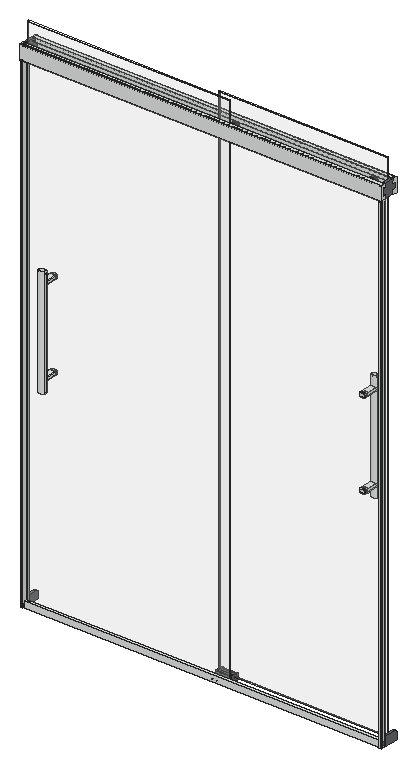
Revit family "Shower-Shower_Door-KOHLER-Prim-K-706533.rfa_", category Specialty Equipment, host Face, Revit 2021
Family settings
  Host = Face
  Round Connector Dimension = Use Diameter
  Part Type = Normal
  OmniClass Number = 23.31.17.17
  OmniClass Title = Shower Enclosures
  Cut with Voids When Loaded = No
  Shared = No
  Room Calculation Point = No
Parameters (values of type "Frosted Glass, SHP-Bright Polished Silver")
  Width [instance] = Walk Thru + 31.77165"  # 54.60759"
  WaterSense Certified = 1 = 0  # no
  Walk Thru [instance] = 22 107/128"
  URL = "http://www.us.kohler.com/us/"
  Type = 1
  Secondary Finish = KOHLER-Frosted_Glass
  Product Page URL = "http://www.us.kohler.com/us/catalog/productDetails.jsp?productNumber=706533-8D3"
  Product Name = "Prim"  # constant formula
  Product Documentation Link = "https://www.us.kohler.com/webassets/kpna/catalog/pdf/en/K-706533-8D3_spec_US-CA_Kohler_en.pdf"
  Model = if(Type = 1, "K-706533-8D3-SHP", if(Type = 2, "K-706533-8D3-BNK", if(Type = 3, "K-706533-8D3-ABZ", if(Type = 4, "K-706533-8L-SHP", if(Type = 5, "K-706533-8L-BNK", if(Type = 6, "K-706533-8L-ABZ", "NA"))))))  # "K-706533-8D3-SHP"
  Material = "Premium Metal Construction"  # constant formula
  Master Format 2014 Name = "Shower Doors"  # constant formula
  Master Format 2014 = "10 28 19.16"  # constant formula
  Manufacturer Address = "KOHLER Co. 444 Highland Dr. Kohler, WI 53044"  # constant formula
  Manufacturer = "Kohler Co."  # constant formula
  Length = 5.59055"  # constant formula
  Height = 79.05512"  # constant formula
  Handle Finish = Kohler-Metal-CP-Polished_Chrome
  Finish = Kohler-Metal-SHP-Bright_Polished_Silver
  Environmental Product Declaration = ""
  Description = if(Type < 4, "Frameless sliding shower door, 79-1/16 inch H x 54-5/8 - 59-5/8 inch W, with 5/16 inch thick Frosted glass", "Frameless sliding shower door, 79-1/16 inch H x 54-5/8 - 59-5/8 inch W, with 5/16 inch thick Clear glass")  # "Frameless sliding shower door, 79-1/16 inch H x 54-5/8 - 59-5/8 inch W, with 5/16 inch thick Frosted glass"
  Default Elevation = 4"
  Declare Label = ""
  Date Modified = "06/28/2023"  # constant formula
  Date Created = "06/28/2023"  # constant formula
  Copyright = "Copyright Kohler Co."  # constant formula
  Contact Us = "https://www.us.kohler.com/us/static/contact.jsp"
  Assembly Code = "C1030200"
  ADA Compliant = 1 = 0  # no
Reference planes (in)
  plane 1 "Center (Front/Back)": y = -0.4379743
  plane 2: z = 0
  plane 3 "Center (Left/Right)": x = 0
  plane 4: x = -31.0350014
  plane 5: x = -26.8750012
  plane 6: x = 19.4312918
  plane 7: x = 22.8359375
  plane 8: x = 23.5725896
  plane 9: y = 2.7952756
  plane 10: y = 1.4075188
  plane 11: y = 0.5942243
  plane 12: y = -1.3685912
  plane 13: y = -1.4075188
  plane 14: y = -2.7952756
  plane 15: z = 79.0551181
  plane 16: z = 76.1811024
  plane 17: z = 75.0763099
  plane 18: z = 74.015748
  plane 19: z = 47.480315
  plane 20: z = 30.984252
  plane 21: z = 0.9494808
  plane 22: y = 0.2817243
  plane 23: y = -0.2817243
  plane 24: y = -0.5942243
  plane 25: x = 23.1788888
  plane 26: x = -2.4409449
  plane 27: x = -30.625
Dimensions and locks (in)
  "Width": plane 8 to plane 4
  "Walk Thru": plane 7 to plane 3 "Center (Left/Right)"
  plane 5 to plane 4 = 4.16"
  locked: plane 8 to plane 6 at 4.1412978
  "Height": plane 15 to level
  plane 20 to level = 30.98425"
  plane 19 to plane 20 = 16.49606"
  plane 18 to plane 21 = 73.06627"
  "Length": plane 9 to plane 14
  plane 9 to plane 11 = 2.20105"
  plane 11 to plane 22 = 5/16"
  plane 23 to plane 24 = 5/16"
  locked: plane 25 to plane 8 at 0.3937008
  plane 27 to plane 3 "Center (Left/Right)" = 30 5/8"
  aligned and locked: plane 2 to host face
  aligned and locked: level to host face
  aligned and locked: plane 3 "Center (Left/Right)" to nested 1
  aligned and locked: plane 10 to nested 1
Automatic sketch dimensions
  host sketch curve to host sketch curve = 96"  (x2)
Nested families (in)
  nested 1: "K-706533" at (0, 0, 0), type "K-706533"
    with Width 54.60759", Walk Thru 22 107/128"
Definition of nested family "K-706533"
  Parameters (values of type "K-706533")
    Width = Walk Thru + 31.77165"  # 59.6063"
    Walk Thru = 27.83465"
    Secondary Material = none
    Material = none
    Handle Finish = none
    Default Elevation = 0"
  Reference planes (in)
    plane 1 "Center (Front/Back)": y = 0
    plane 2: z = 0
    plane 3 "Center (Left/Right)": x = 0
    plane 4: x = -31.0350014
    plane 5: x = 28.5712978
    plane 6: x = 27.8346457
    plane 7: z = 79.0551181
    plane 8: z = 47.480315
    plane 9: z = 30.984252
    plane 10: y = 2.7952756
    plane 11: y = -2.7952756
    plane 12: y = 1.4075188
    plane 13: y = -1.4075188
    plane 14: y = -0.5942243
    plane 15: z = 76.1811024
    plane 16: z = 74.015748
    plane 17: y = -1.3685912
    plane 18: y = 0.5942243
    plane 19: z = 75.0763099
    plane 20: x = 24.43
    plane 21: x = -26.8750012
    plane 22: z = 0.9494808
  Forms (in)
    Extrusion 1, solid, material <- "Material", detail levels medium+fine
      sketch origin (0, 0, 0) x (0, 1, 0) y (0, 0, 1)
        loop
          line (-0.9494242, 0) -> (-0.9494242, 0.0797874) -> (-0.8394081, 0.0797874) -> (-0.8394081, 0.8105357) -> (-1.1393929, 0.8105357) -> (-1.1393929, 0.8882432) -> (-0.8394081, 0.8882432) -> (-0.8394081, 0.9494808) -> (-1.3144578, 0.9494808) -> (-1.3144578, 0) -> (-1.2545726, 0) -> (-1.2545726, 0.1498087) -> (-1.1744377, 0.1124412) -> (-1.1744377, 0) -> (-0.9494242, 0)
      from -30.7844629 to 28.3232019
    Extrusion 2, solid, material <- "Material", detail levels medium+fine
      sketch origin (0, 0, 0) x (0, 1, 0) y (0, 0, 1)
        loop
          line (-0.777366, 75.6558511) -> (-0.777366, 76.1414665)
          arc (-0.777366, 76.1414665) -> (-0.7888972, 76.1693053) -> (-0.8167361, 76.1808366) r 0.0393701
          line (-0.8167361, 76.1808366) -> (-1.3669703, 76.1808366)
          arc (-1.3669703, 76.1808366) -> (-1.3948091, 76.1693053) -> (-1.4063404, 76.1414665) r 0.0393701
          line (-1.4063404, 76.1414665) -> (-1.4063404, 74.0183322)
          arc (-1.4063404, 74.0183322) -> (-1.3868874, 73.9988793) -> (-1.3674345, 74.0183322) r 0.0194529
          line (-1.3674345, 74.0183322) -> (-1.3674345, 74.1000786) -> (-0.8167361, 74.1000786)
          arc (-0.8167361, 74.1000786) -> (-0.7888972, 74.1116098) -> (-0.777366, 74.1394487) r 0.0393701
          line (-0.777366, 74.1394487) -> (-0.777366, 74.6278912)
          arc (-0.777366, 74.6278912) -> (-0.8022669, 74.6527921) -> (-0.8271678, 74.6278912) r 0.0249009
          line (-0.8271678, 74.6278912) -> (-0.8271678, 74.5297038)
          arc (-0.8271678, 74.5297038) -> (-0.8336374, 74.5080807) -> (-0.8509198, 74.4935641) r 0.0393701
          arc (-0.8509198, 74.4935641) -> (-0.9694261, 74.4690528) -> (-1.0879323, 74.4935641) r 0.2987306
          arc (-1.0879323, 74.4935641) -> (-1.1052148, 74.5080807) -> (-1.1116843, 74.5297038) r 0.0393701
          line (-1.1116843, 74.5297038) -> (-1.1116843, 74.6126385)
          arc (-1.1116843, 74.6126385) -> (-1.1186031, 74.6293418) -> (-1.1353064, 74.6362606) r 0.023622
          line (-1.1353064, 74.6362606) -> (-1.2088852, 74.6362606)
          arc (-1.2088852, 74.6362606) -> (-1.2255885, 74.6431793) -> (-1.2325072, 74.6598826) r 0.023622
          line (-1.2325072, 74.6598826) -> (-1.2325072, 75.6253861) -> (-1.1116843, 75.6253861) -> (-1.1116843, 75.8920984) -> (-1.0094761, 75.8920984) -> (-1.0094761, 75.9589171)
          arc (-1.0094761, 75.9589171) -> (-1.0025574, 75.9756204) -> (-0.9858541, 75.9825392) r 0.023622
          line (-0.9858541, 75.9825392) -> (-0.9529981, 75.9825392)
          arc (-0.9529981, 75.9825392) -> (-0.9362948, 75.9756204) -> (-0.929376, 75.9589171) r 0.023622
          line (-0.929376, 75.9589171) -> (-0.929376, 75.8920984) -> (-0.8271678, 75.8920984) -> (-0.8271678, 75.6558511)
          arc (-0.8271678, 75.6558511) -> (-0.8022669, 75.6309502) -> (-0.777366, 75.6558511) r 0.0249009
        loop
          arc (0.7774445, 75.6558511) -> (0.8023454, 75.6309502) -> (0.8272463, 75.6558511) r 0.0249009
          line (0.8272463, 75.6558511) -> (0.8272463, 75.8920984) -> (0.9294545, 75.8920984) -> (0.9294545, 75.9589171)
          arc (0.9294545, 75.9589171) -> (0.9363733, 75.9756204) -> (0.9530766, 75.9825392) r 0.023622
          line (0.9530766, 75.9825392) -> (0.9859326, 75.9825392)
          arc (0.9859326, 75.9825392) -> (1.0026359, 75.9756204) -> (1.0095546, 75.9589171) r 0.023622
          line (1.0095546, 75.9589171) -> (1.0095546, 75.8920984) -> (1.1117628, 75.8920984) -> (1.1117628, 75.6253861) -> (1.2325857, 75.6253861) -> (1.2325857, 74.6598826)
          arc (1.2325857, 74.6598826) -> (1.225667, 74.6431793) -> (1.2089637, 74.6362606) r 0.023622
          line (1.2089637, 74.6362606) -> (1.1353849, 74.6362606)
          arc (1.1353849, 74.6362606) -> (1.1186816, 74.6293418) -> (1.1117628, 74.6126385) r 0.023622
          line (1.1117628, 74.6126385) -> (1.1117628, 74.5297038)
          arc (1.1117628, 74.5297038) -> (1.1052933, 74.5080807) -> (1.0880108, 74.4935641) r 0.0393701
          arc (1.0880108, 74.4935641) -> (0.9695046, 74.4690528) -> (0.8509983, 74.4935641) r 0.2987306
          arc (0.8509983, 74.4935641) -> (0.8337159, 74.5080807) -> (0.8272463, 74.5297038) r 0.0393701
          line (0.8272463, 74.5297038) -> (0.8272463, 74.6278912)
          arc (0.8272463, 74.6278912) -> (0.8023454, 74.6527921) -> (0.7774445, 74.6278912) r 0.0249009
          line (0.7774445, 74.6278912) -> (0.7774445, 74.1394487)
          arc (0.7774445, 74.1394487) -> (0.7889757, 74.1116098) -> (0.8168146, 74.1000786) r 0.0393701
          line (0.8168146, 74.1000786) -> (1.367513, 74.1000786) -> (1.367513, 74.0183322)
          arc (1.367513, 74.0183322) -> (1.3869659, 73.9988793) -> (1.4064189, 74.0183322) r 0.0194529
          line (1.4064189, 74.0183322) -> (1.4064189, 76.1414665)
          arc (1.4064189, 76.1414665) -> (1.3948876, 76.1693053) -> (1.3670488, 76.1808366) r 0.0393701
          line (1.3670488, 76.1808366) -> (0.8168146, 76.1808366)
          arc (0.8168146, 76.1808366) -> (0.7889757, 76.1693053) -> (0.7774445, 76.1414665) r 0.0393701
          line (0.7774445, 76.1414665) -> (0.7774445, 75.6558511)
      from -31.0350014 to 28.5712978
    Extrusion 3, solid, detail levels medium+fine
      sketch origin (0, 0, 0) x (0, 1, 0) y (0, 0, 1)
        loop
          arc (0.7677964, 76.1559386) -> (0.7562652, 76.1837775) -> (0.7284264, 76.1953087) r 0.0393701
          line (0.7284264, 76.1953087) -> (-0.7276514, 76.1953087)
          arc (-0.7276514, 76.1953087) -> (-0.7554902, 76.1837775) -> (-0.7670215, 76.1559386) r 0.0393701
          line (-0.7670215, 76.1559386) -> (-0.7670215, 75.5992122) -> (-0.8384709, 75.5992122) -> (-0.8384709, 75.8920984) -> (-0.9349767, 75.8920984) -> (-0.9349767, 75.9427113) -> (-1.0024825, 75.9427113) -> (-1.0024825, 75.8920984) -> (-1.1017123, 75.8920984) -> (-1.1017123, 75.5992122) -> (-1.230725, 75.5992122) -> (-1.230725, 74.6629996) -> (-1.1014051, 74.6629996) -> (-1.1014051, 74.4997881)
          arc (-1.1014051, 74.4997881) -> (-0.9694366, 74.4690528) -> (-0.8374658, 74.4997788) r 0.2987306
          line (-0.8374658, 74.4997788) -> (-0.8374658, 74.6629996) -> (-0.7670215, 74.6629996) -> (-0.7670215, 74.1554858)
          arc (-0.7670215, 74.1554858) -> (-0.7554902, 74.1276469) -> (-0.7276514, 74.1161157) r 0.0393701
          line (-0.7276514, 74.1161157) -> (0.7284264, 74.1161157)
          arc (0.7284264, 74.1161157) -> (0.7562652, 74.1276469) -> (0.7677964, 74.1554858) r 0.0393701
          line (0.7677964, 74.1554858) -> (0.7677964, 74.6629996) -> (0.8382408, 74.6629996) -> (0.8382408, 74.4997788)
          arc (0.8382408, 74.4997788) -> (0.9702115, 74.4690528) -> (1.1021801, 74.4997881) r 0.2987306
          line (1.1021801, 74.4997881) -> (1.1021801, 74.6629996) -> (1.2315, 74.6629996) -> (1.2315, 75.5992122) -> (1.1024873, 75.5992122) -> (1.1024873, 75.8920984) -> (1.0032575, 75.8920984) -> (1.0032575, 75.9427113) -> (0.9357517, 75.9427113) -> (0.9357517, 75.8920984) -> (0.8392459, 75.8920984) -> (0.8392459, 75.5992122) -> (0.7677964, 75.5992122) -> (0.7677964, 76.1559386)
      from -31.0350014 to -30.6317431
    Extrusion 4, solid, detail levels medium+fine
      sketch origin (0, 0, 0) x (0, 1, 0) y (0, 0, 1)
        loop
          arc (0.7677964, 76.1559386) -> (0.7562652, 76.1837775) -> (0.7284264, 76.1953087) r 0.0393701
          line (0.7284264, 76.1953087) -> (-0.7276514, 76.1953087)
          arc (-0.7276514, 76.1953087) -> (-0.7554902, 76.1837775) -> (-0.7670215, 76.1559386) r 0.0393701
          line (-0.7670215, 76.1559386) -> (-0.7670215, 75.5992122) -> (-0.8384709, 75.5992122) -> (-0.8384709, 75.8920984) -> (-0.9349767, 75.8920984) -> (-0.9349767, 75.9427113) -> (-1.0024825, 75.9427113) -> (-1.0024825, 75.8920984) -> (-1.1017123, 75.8920984) -> (-1.1017123, 75.5992122) -> (-1.230725, 75.5992122) -> (-1.230725, 74.7122122) -> (-1.1014051, 74.7122122) -> (-1.1014051, 74.4997881)
          arc (-1.1014051, 74.4997881) -> (-0.9694366, 74.4690528) -> (-0.8374658, 74.4997788) r 0.2987306
          line (-0.8374658, 74.4997788) -> (-0.8374658, 74.7122122) -> (-0.7670215, 74.7122122) -> (-0.7670215, 74.1554858)
          arc (-0.7670215, 74.1554858) -> (-0.7554902, 74.1276469) -> (-0.7276514, 74.1161157) r 0.0393701
          line (-0.7276514, 74.1161157) -> (0.7284264, 74.1161157)
          arc (0.7284264, 74.1161157) -> (0.7562652, 74.1276469) -> (0.7677964, 74.1554858) r 0.0393701
          line (0.7677964, 74.1554858) -> (0.7677964, 74.7122122) -> (0.8382408, 74.7122122) -> (0.8382408, 74.4997788)
          arc (0.8382408, 74.4997788) -> (0.9702115, 74.4690528) -> (1.1021801, 74.4997881) r 0.2987306
          line (1.1021801, 74.4997881) -> (1.1021801, 74.7122122) -> (1.2315, 74.7122122) -> (1.2315, 75.5992122) -> (1.1024873, 75.5992122) -> (1.1024873, 75.8920984) -> (1.0032575, 75.8920984) -> (1.0032575, 75.9427113) -> (0.9357517, 75.9427113) -> (0.9357517, 75.8920984) -> (0.8392459, 75.8920984) -> (0.8392459, 75.5992122) -> (0.7677964, 75.5992122) -> (0.7677964, 76.1559386)
      from 28.177597 to 28.5712978
    Extrusion 5, solid, detail levels medium+fine
      sketch origin (0, 0, 0) x (0, 1, 0) y (0, 0, 1)
        loop
          line (1.4075188, 0) -> (1.4075188, 0.9451677)
          arc (1.4075188, 0.9451677) -> (1.3213121, 1.1532889) -> (1.113191, 1.2394955) r 0.2943278
          line (1.113191, 1.2394955) -> (-0.7333484, 1.2394955) -> (-0.7333484, 0.7244396) -> (-1.3144578, 0.7244396) -> (-1.3144578, 0.223449) -> (-0.7786891, 0.223449) -> (-0.7786891, 0) -> (1.4075188, 0)
      from -31.0350014 to -30.625
    Extrusion 6, solid, detail levels medium+fine
      sketch origin (0, 0, 0) x (0, 1, 0) y (0, 0, 1)
        loop
          line (1.4075188, 0) -> (1.4075188, 0.9451677)
          arc (1.4075188, 0.9451677) -> (1.3213121, 1.1532889) -> (1.113191, 1.2394955) r 0.2943278
          line (1.113191, 1.2394955) -> (-0.7333484, 1.2394955) -> (-0.7333484, 0.7244396) -> (-1.3144578, 0.7244396) -> (-1.3144578, 0.223449) -> (-0.7786891, 0.223449) -> (-0.7786891, 0) -> (1.4075188, 0)
      from 28.5712978 to 28.1783957
    Extrusion 7, solid
      sketch origin (0, 0, 0) x (0, 1, 0) y (0, 0, 1)
        loop
          line (-0.864548, 0) -> (0.879614, 0) -> (0.8305263, 0.9137867)
          arc (0.8305263, 0.9137867) -> (0.8182948, 0.9402506) -> (0.7912129, 0.9510449) r 0.0393701
          line (0.7912129, 0.9510449) -> (0.6817169, 0.9510449)
          arc (0.6817169, 0.9510449) -> (0.6546163, 0.9402329) -> (0.6424007, 0.9137353) r 0.0393701
          line (0.6424007, 0.9137353) -> (0.606448, 0.2277152)
          arc (0.606448, 0.2277152) -> (0.4277478, 0.058024) -> (0.2488258, 0.2274814) r 0.1790627
          line (0.2488258, 0.2274814) -> (0.2119582, 0.9137867)
          arc (0.2119582, 0.9137867) -> (0.1997267, 0.9402506) -> (0.1726448, 0.9510449) r 0.0393701
          line (0.1726448, 0.9510449) -> (-0.1960503, 0.9510449)
          arc (-0.1960503, 0.9510449) -> (-0.2231509, 0.9402329) -> (-0.2353664, 0.9137353) r 0.0393701
          line (-0.2353664, 0.9137353) -> (-0.270431, 0.2446634)
          arc (-0.270431, 0.2446634) -> (-0.4560105, 0.0684397) -> (-0.6418203, 0.2444206) r 0.185956
          line (-0.6418203, 0.2444206) -> (-0.6686583, 0.7440196)
          arc (-0.6686583, 0.7440196) -> (-0.6808898, 0.7704835) -> (-0.7079717, 0.7812778) r 0.0393701
          line (-0.7079717, 0.7812778) -> (-0.7905533, 0.7812778)
          arc (-0.7905533, 0.7812778) -> (-0.8183922, 0.7697466) -> (-0.8299234, 0.7419078) r 0.0393701
          line (-0.8299234, 0.7419078) -> (-0.8299234, 0.0720358) -> (-0.8883855, 0.0720358)
          arc (-0.8883855, 0.0720358) -> (-0.905846, 0.0619549) -> (-0.905846, 0.0417933) r 0.0201616
          line (-0.905846, 0.0417933) -> (-0.8903009, 0.0148684)
          arc (-0.8903009, 0.0148684) -> (-0.8794164, 0.003984) -> (-0.864548, 0) r 0.0297368
      from 0 to -2.4409449
    Revolve 8, solid, detail levels medium+fine
      sketch origin (0, 0, 75.0763099) x (1, 0, 0) y (0, 1, 0)
        loop
          line (-28.3875492, -0.2482747) -> (-28.8795492, -0.2482747) -> (-28.8795492, -0.2817243) -> (-28.5772449, -0.2817243) -> (-28.5772449, -0.5942243) -> (-28.8857008, -0.5942243) -> (-28.8857008, -0.7540504) -> (-28.8175339, -0.7540504)
          arc (-28.8175339, -0.7540504) -> (-28.7631294, -0.7765854) -> (-28.7405944, -0.8309899) r 0.0769395
          line (-28.7405944, -0.8309899) -> (-28.7405944, -0.8886899) -> (-28.3875492, -0.8886899) -> (-28.3875492, -0.2482747)
        axis (-28.3875492, -0.2482747) -> (-28.3875492, -0.8886899)
      angle from 0 to 360
    Extrusion 9, solid, detail levels medium+fine
      sketch origin (0, 0, 0) x (1, 0, 0) y (0, 0, 1)
        loop
          line (-28.7675906, 75.2502663) -> (-28.7675906, 74.9023536)
          arc (-28.7675906, 74.9023536) -> (-28.7570414, 74.8629836) -> (-28.7282205, 74.8341627) r 0.0787402
          line (-28.7282205, 74.8341627) -> (-28.4269193, 74.6602063)
          arc (-28.4269193, 74.6602063) -> (-28.3875492, 74.6496572) -> (-28.3481791, 74.6602063) r 0.0787402
          line (-28.3481791, 74.6602063) -> (-28.046878, 74.8341627)
          arc (-28.046878, 74.8341627) -> (-28.0180571, 74.8629836) -> (-28.0075079, 74.9023536) r 0.0787402
          line (-28.0075079, 74.9023536) -> (-28.0075079, 75.2502663)
          arc (-28.0075079, 75.2502663) -> (-28.0180571, 75.2896363) -> (-28.046878, 75.3184572) r 0.0787402
          line (-28.046878, 75.3184572) -> (-28.3481791, 75.4924136)
          arc (-28.3481791, 75.4924136) -> (-28.3875492, 75.5029627) -> (-28.4269193, 75.4924136) r 0.0787402
          line (-28.4269193, 75.4924136) -> (-28.7282205, 75.3184572)
          arc (-28.7282205, 75.3184572) -> (-28.7570414, 75.2896363) -> (-28.7675906, 75.2502663) r 0.0787402
      from 0.148191 to 0.2482747
    Extrusion 10, solid, material <- "Secondary Material"
      sketch origin (0, 0, 0) x (1, 0, 0) y (0, 1, 0)
        loop
          line (-30.5625, -0.2817243) -> (-30.625, -0.3442243) -> (-30.625, -0.5317243) -> (-30.5625, -0.5942243) -> (-0.0625, -0.5942243) -> (0, -0.5317243) -> (0, -0.3442243) -> (-0.0625, -0.2817243) -> (-30.5625, -0.2817243)
      from 0.5063099 to 79.0551181
    Extrusion 11, solid, material <- "Secondary Material"
      sketch origin (0, 0, 0.511811) x (0, -1, 0) y (1, 0, 0)
        loop
          line (-0.3442243, -2.445) -> (-0.2817243, -2.3825) -> (-0.2817243, 28.1175) -> (-0.3442243, 28.18) -> (-0.5317243, 28.18) -> (-0.5942243, 28.1175) -> (-0.5942243, -2.3825) -> (-0.5317243, -2.445) -> (-0.3442243, -2.445)
      from 0 to 78.5433071
    Extrusion 12, solid, material <- "Material", detail levels medium+fine
      sketch origin (0, 0, 0) x (1, 0, 0) y (0, 1, 0)
        loop
          arc (-31.0350248, -1.3171353) -> (-31.0119965, -1.3352032) -> (-30.9999266, -1.3085374) r 0.0186022
          line (-30.9999266, -1.3085374) -> (-30.8696164, -1.3085374)
          arc (-30.8696164, -1.3085374) -> (-30.8518688, -1.2907898) -> (-30.8696164, -1.2730421) r 0.0177476
          line (-30.8696164, -1.2730421) -> (-30.9999266, -1.2730421) -> (-30.9999266, -0.7857948) -> (-30.3041963, -0.7857948)
          arc (-30.3041963, -0.7857948) -> (-30.2842313, -0.7658298) -> (-30.3041963, -0.7458648) r 0.019965
          line (-30.3041963, -0.7458648) -> (-31.0119438, -0.7458648)
          arc (-31.0119438, -0.7458648) -> (-31.0282645, -0.7526251) -> (-31.0350248, -0.7689458) r 0.023081
          line (-31.0350248, -0.7689458) -> (-31.0350248, -1.3171353)
        loop
          line (-30.6253767, -1.3454597) -> (-30.6253767, -0.8216636) -> (-30.8264349, -0.8216636) -> (-30.8264349, -1.3362784) -> (-30.9850339, -1.3362784)
          arc (-30.9850339, -1.3362784) -> (-31.0004527, -1.3516972) -> (-30.9850339, -1.3671159) r 0.0154188
          line (-30.9850339, -1.3671159) -> (-30.6470329, -1.3671159)
          arc (-30.6470329, -1.3671159) -> (-30.6317196, -1.360773) -> (-30.6253767, -1.3454597) r 0.0216563
      from 0 to 74.1000786
    Extrusion 13, solid, material <- "Material", detail levels medium+fine
      sketch origin (0, 0, 0) x (-1, 0, 0) y (0, -1, 0)
        loop
          line (-28.5712978, 1.3171353) -> (-28.5712978, 0.7689458)
          arc (-28.5712978, 0.7689458) -> (-28.5645375, 0.7526251) -> (-28.5482168, 0.7458648) r 0.023081
          line (-28.5482168, 0.7458648) -> (-27.8404693, 0.7458648)
          arc (-27.8404693, 0.7458648) -> (-27.8205043, 0.7658298) -> (-27.8404693, 0.7857948) r 0.019965
          line (-27.8404693, 0.7857948) -> (-28.5361996, 0.7857948) -> (-28.5361996, 1.2730421) -> (-28.4058894, 1.2730421)
          arc (-28.4058894, 1.2730421) -> (-28.3881418, 1.2907898) -> (-28.4058894, 1.3085374) r 0.0177476
          line (-28.4058894, 1.3085374) -> (-28.5361996, 1.3085374)
          arc (-28.5361996, 1.3085374) -> (-28.5482695, 1.3352032) -> (-28.5712978, 1.3171353) r 0.0186022
        loop
          arc (-28.1616496, 1.3454597) -> (-28.1679926, 1.360773) -> (-28.1833059, 1.3671159) r 0.0216563
          line (-28.1833059, 1.3671159) -> (-28.5213069, 1.3671159)
          arc (-28.5213069, 1.3671159) -> (-28.5367256, 1.3516972) -> (-28.5213069, 1.3362784) r 0.0154188
          line (-28.5213069, 1.3362784) -> (-28.3627079, 1.3362784) -> (-28.3627079, 0.8216636) -> (-28.1616496, 0.8216636) -> (-28.1616496, 1.3454597)
      from 0 to 74.1000786
    Revolve 14, solid, detail levels medium+fine
      sketch origin (25.9394742, 0, 75.0763099) x (1, 0, 0) y (0, 1, 0)
        loop
          line (-28.3875492, -0.2482747) -> (-28.8795492, -0.2482747) -> (-28.8795492, -0.2817243) -> (-28.5772449, -0.2817243) -> (-28.5772449, -0.5942243) -> (-28.8857008, -0.5942243) -> (-28.8857008, -0.7540504) -> (-28.8175339, -0.7540504)
          arc (-28.8175339, -0.7540504) -> (-28.7631294, -0.7765854) -> (-28.7405944, -0.8309899) r 0.0769395
          line (-28.7405944, -0.8309899) -> (-28.7405944, -0.8886899) -> (-28.3875492, -0.8886899) -> (-28.3875492, -0.2482747)
        axis (-28.3875492, -0.2482747) -> (-28.3875492, -0.8886899)
      angle from 0 to 360
    Extrusion 15, solid, detail levels medium+fine
      sketch origin (25.9394742, 0, 0) x (1, 0, 0) y (0, 0, 1)
        loop
          line (-28.7675906, 75.2502663) -> (-28.7675906, 74.9023536)
          arc (-28.7675906, 74.9023536) -> (-28.7570414, 74.8629836) -> (-28.7282205, 74.8341627) r 0.0787402
          line (-28.7282205, 74.8341627) -> (-28.4269193, 74.6602063)
          arc (-28.4269193, 74.6602063) -> (-28.3875492, 74.6496572) -> (-28.3481791, 74.6602063) r 0.0787402
          line (-28.3481791, 74.6602063) -> (-28.046878, 74.8341627)
          arc (-28.046878, 74.8341627) -> (-28.0180571, 74.8629836) -> (-28.0075079, 74.9023536) r 0.0787402
          line (-28.0075079, 74.9023536) -> (-28.0075079, 75.2502663)
          arc (-28.0075079, 75.2502663) -> (-28.0180571, 75.2896363) -> (-28.046878, 75.3184572) r 0.0787402
          line (-28.046878, 75.3184572) -> (-28.3481791, 75.4924136)
          arc (-28.3481791, 75.4924136) -> (-28.3875492, 75.5029627) -> (-28.4269193, 75.4924136) r 0.0787402
          line (-28.4269193, 75.4924136) -> (-28.7282205, 75.3184572)
          arc (-28.7282205, 75.3184572) -> (-28.7570414, 75.2896363) -> (-28.7675906, 75.2502663) r 0.0787402
      from 0.148191 to 0.2482747
    Revolve 16, solid, detail levels medium+fine
      sketch origin (49.1147423, 0, 75.0763099) x (1, 0, 0) y (0, 1, 0)
        loop
          line (-23.3875492, 0.2482747) -> (-23.3875492, 0.8886899) -> (-23.7405944, 0.8886899) -> (-23.7405944, 0.8309899)
          arc (-23.7405944, 0.8309899) -> (-23.7631294, 0.7765854) -> (-23.8175339, 0.7540504) r 0.0769395
          line (-23.8175339, 0.7540504) -> (-23.8857008, 0.7540504) -> (-23.8857008, 0.5942243) -> (-23.5772449, 0.5942243) -> (-23.5772449, 0.2817243) -> (-23.8795492, 0.2817243) -> (-23.8795492, 0.2482747) -> (-23.3875492, 0.2482747)
        axis (-23.3875492, 0.2482747) -> (-23.3875492, 0.8886899)
      angle from 0 to 360
    Extrusion 17, solid, detail levels medium+fine
      sketch origin (49.1147423, 1.1884486, 0) x (1, 0, 0) y (0, 0, -1)
        loop
          arc (-23.7675906, -75.2502663) -> (-23.7570414, -75.2896363) -> (-23.7282205, -75.3184572) r 0.0787402
          line (-23.7282205, -75.3184572) -> (-23.4269193, -75.4924136)
          arc (-23.4269193, -75.4924136) -> (-23.3875492, -75.5029627) -> (-23.3481791, -75.4924136) r 0.0787402
          line (-23.3481791, -75.4924136) -> (-23.046878, -75.3184572)
          arc (-23.046878, -75.3184572) -> (-23.0180571, -75.2896363) -> (-23.0075079, -75.2502663) r 0.0787402
          line (-23.0075079, -75.2502663) -> (-23.0075079, -74.9023536)
          arc (-23.0075079, -74.9023536) -> (-23.0180571, -74.8629836) -> (-23.046878, -74.8341627) r 0.0787402
          line (-23.046878, -74.8341627) -> (-23.3481791, -74.6602063)
          arc (-23.3481791, -74.6602063) -> (-23.3875492, -74.6496572) -> (-23.4269193, -74.6602063) r 0.0787402
          line (-23.4269193, -74.6602063) -> (-23.7282205, -74.8341627)
          arc (-23.7282205, -74.8341627) -> (-23.7570414, -74.8629836) -> (-23.7675906, -74.9023536) r 0.0787402
          line (-23.7675906, -74.9023536) -> (-23.7675906, -75.2502663)
      from -1.0401695 to -0.9401739
    Extrusion 18, solid, material <- "Material", detail levels medium+fine
      sketch origin (0, 0, 0) x (1, 0, 0) y (0, 0, 1)
        loop
          line (-26.4375, 45.5556849) -> (-26.4375, 45.9256849)
          arc (-26.4375, 45.9256849) -> (-26.4493806, 45.9676342) -> (-26.4814935, 45.997124) r 0.08
          arc (-26.4814935, 45.997124) -> (-26.875, 46.0906849) -> (-27.2685065, 45.997124) r 0.8743015
          arc (-27.2685065, 45.997124) -> (-27.3006194, 45.9676342) -> (-27.3125, 45.9256849) r 0.08
          line (-27.3125, 45.9256849) -> (-27.3125, 45.5556849)
          arc (-27.3125, 45.5556849) -> (-27.3006194, 45.5137357) -> (-27.2685065, 45.4842459) r 0.08
          arc (-27.2685065, 45.4842459) -> (-26.875, 45.3906849) -> (-26.4814935, 45.4842459) r 0.8743015
          arc (-26.4814935, 45.4842459) -> (-26.4493806, 45.5137357) -> (-26.4375, 45.5556849) r 0.08
        loop
          line (-26.4375, 32.5556849) -> (-26.4375, 32.9256849)
          arc (-26.4375, 32.9256849) -> (-26.4493806, 32.9676342) -> (-26.4814935, 32.997124) r 0.08
          arc (-26.4814935, 32.997124) -> (-26.875, 33.0906849) -> (-27.2685065, 32.997124) r 0.8743015
          arc (-27.2685065, 32.997124) -> (-27.3006194, 32.9676342) -> (-27.3125, 32.9256849) r 0.08
          line (-27.3125, 32.9256849) -> (-27.3125, 32.5556849)
          arc (-27.3125, 32.5556849) -> (-27.3006194, 32.5137357) -> (-27.2685065, 32.4842459) r 0.08
          arc (-27.2685065, 32.4842459) -> (-26.875, 32.3906849) -> (-26.4814935, 32.4842459) r 0.8743015
          arc (-26.4814935, 32.4842459) -> (-26.4493806, 32.5137357) -> (-26.4375, 32.5556849) r 0.08
      from 0.5942243 to 2.3844743
    Extrusion 19, solid, material <- "Material", detail levels medium+fine
      sketch origin (0, 0, 24.4685039) x (0, -1, 0) y (1, 0, 0)
        loop
          arc (2.3127186, -27.4111635) -> (2.3261822, -27.4213739) -> (2.3426859, -27.425) r 0.0393701
          line (2.3426859, -27.425) -> (2.5678653, -27.425)
          arc (2.5678653, -27.425) -> (2.584369, -27.4213739) -> (2.5978326, -27.4111635) r 0.0393701
          arc (2.5978326, -27.4111635) -> (2.7952756, -26.875) -> (2.5978326, -26.3388365) r 0.826707
          arc (2.5978326, -26.3388365) -> (2.584369, -26.3286261) -> (2.5678653, -26.325) r 0.0393701
          line (2.5678653, -26.325) -> (2.3426859, -26.325)
          arc (2.3426859, -26.325) -> (2.3261822, -26.3286261) -> (2.3127186, -26.3388365) r 0.0393701
          arc (2.3127186, -26.3388365) -> (2.1152756, -26.875) -> (2.3127186, -27.4111635) r 0.826707
      from 6.515748 to 23.011811
    Extrusion 20, void
      sketch origin (0, 0, 0) x (1, 0, 0) y (0, 0, 1)
        loop
          arc (-26.4824803, 47.480315) -> (-26.3711249, 47.43419) -> (-26.325, 47.3228346) r 0.1574803
          line (-26.325, 47.3228346) -> (-26.325, 47.2330185) -> (-26.1264097, 47.2330185) -> (-26.1264097, 47.6732195) -> (-27.6218504, 47.6732195) -> (-27.6218504, 47.2330185) -> (-27.425, 47.2330185) -> (-27.425, 47.3228346)
          arc (-27.425, 47.3228346) -> (-27.3788751, 47.43419) -> (-27.2675197, 47.480315) r 0.1574803
          line (-27.2675197, 47.480315) -> (-26.4824803, 47.480315)
        loop
          line (-26.4824803, 30.984252) -> (-27.2675197, 30.984252)
          arc (-27.2675197, 30.984252) -> (-27.3788751, 31.0303769) -> (-27.425, 31.1417323) r 0.1574803
          line (-27.425, 31.1417323) -> (-27.425, 31.2315484) -> (-27.6218504, 31.2315484) -> (-27.6218504, 30.7913474) -> (-26.1264097, 30.7913474) -> (-26.1264097, 31.2315484) -> (-26.325, 31.2315484) -> (-26.325, 31.1417323)
          arc (-26.325, 31.1417323) -> (-26.3711249, 31.0303769) -> (-26.4824803, 30.984252) r 0.1574803
      from 1.7842243 to 3.1794226
    Extrusion 21, solid, material <- "Material", detail levels medium+fine
      sketch origin (0, 0, 0) x (1, 0, 0) y (0, 0, 1)
        loop
          arc (24.0364935, 45.997124) -> (24.0043806, 45.9676342) -> (23.9925, 45.9256849) r 0.08
          line (23.9925, 45.9256849) -> (23.9925, 45.5556849)
          arc (23.9925, 45.5556849) -> (24.0043806, 45.5137357) -> (24.0364935, 45.4842459) r 0.08
          arc (24.0364935, 45.4842459) -> (24.43, 45.3906849) -> (24.8235065, 45.4842459) r 0.8743015
          arc (24.8235065, 45.4842459) -> (24.8556194, 45.5137357) -> (24.8675, 45.5556849) r 0.08
          line (24.8675, 45.5556849) -> (24.8675, 45.9256849)
          arc (24.8675, 45.9256849) -> (24.8556194, 45.9676342) -> (24.8235065, 45.997124) r 0.08
          arc (24.8235065, 45.997124) -> (24.43, 46.0906849) -> (24.0364935, 45.997124) r 0.8743015
        loop
          arc (24.0364935, 32.980321) -> (24.0043806, 32.9508312) -> (23.9925, 32.908882) r 0.08
          line (23.9925, 32.908882) -> (23.9925, 32.538882)
          arc (23.9925, 32.538882) -> (24.0043806, 32.4969327) -> (24.0364935, 32.467443) r 0.08
          arc (24.0364935, 32.467443) -> (24.43, 32.373882) -> (24.8235065, 32.467443) r 0.8743015
          arc (24.8235065, 32.467443) -> (24.8556194, 32.4969327) -> (24.8675, 32.538882) r 0.08
          line (24.8675, 32.538882) -> (24.8675, 32.908882)
          arc (24.8675, 32.908882) -> (24.8556194, 32.9508312) -> (24.8235065, 32.980321) r 0.08
          arc (24.8235065, 32.980321) -> (24.43, 33.073882) -> (24.0364935, 32.980321) r 0.8743015
      from -2.363228 to -0.5942243
    Extrusion 22, solid, material <- "Material", detail levels medium+fine
      sketch origin (0, 0, 24.4685039) x (0, -1, 0) y (1, 0, 0)
        loop
          arc (-2.6065286, 23.8938365) -> (-2.593065, 23.8836261) -> (-2.5765613, 23.88) r 0.0393701
          line (-2.5765613, 23.88) -> (-2.351382, 23.88)
          arc (-2.351382, 23.88) -> (-2.3348783, 23.8836261) -> (-2.3214147, 23.8938365) r 0.0393701
          arc (-2.3214147, 23.8938365) -> (-2.1239716, 24.43) -> (-2.3214147, 24.9661635) r 0.826707
          arc (-2.3214147, 24.9661635) -> (-2.3348783, 24.9763739) -> (-2.351382, 24.98) r 0.0393701
          line (-2.351382, 24.98) -> (-2.5765613, 24.98)
          arc (-2.5765613, 24.98) -> (-2.593065, 24.9763739) -> (-2.6065286, 24.9661635) r 0.0393701
          arc (-2.6065286, 24.9661635) -> (-2.8039716, 24.43) -> (-2.6065286, 23.8938365) r 0.826707
      from 6.515748 to 23.011811
    Extrusion 23, void
      sketch origin (38.86, 0, 0) x (-1, 0, 0) y (0, 0, -1)
        loop
          line (14.8225197, -47.480315) -> (14.0374803, -47.480315)
          arc (14.0374803, -47.480315) -> (13.9261249, -47.43419) -> (13.88, -47.3228346) r 0.1574803
          line (13.88, -47.3228346) -> (13.88, -47.2330185) -> (13.6831496, -47.2330185) -> (13.6831496, -47.6732195) -> (15.1785903, -47.6732195) -> (15.1785903, -47.2330185) -> (14.98, -47.2330185) -> (14.98, -47.3228346)
          arc (14.98, -47.3228346) -> (14.9338751, -47.43419) -> (14.8225197, -47.480315) r 0.1574803
        loop
          arc (14.8225197, -30.984252) -> (14.9338751, -31.0303769) -> (14.98, -31.1417323) r 0.1574803
          line (14.98, -31.1417323) -> (14.98, -31.2315484) -> (15.1785903, -31.2315484) -> (15.1785903, -30.7913474) -> (13.6831496, -30.7913474) -> (13.6831496, -31.2315484) -> (13.88, -31.2315484) -> (13.88, -31.1417323)
          arc (13.88, -31.1417323) -> (13.9261249, -31.0303769) -> (14.0374803, -30.984252) r 0.1574803
          line (14.0374803, -30.984252) -> (14.8225197, -30.984252)
      from -3.4541417 to -1.8313581
    Sweep 24, solid, material <- "Handle Finish", detail levels medium+fine
      path origin (0, 0, 0) x (1, 0, 0) y (0, 0, 1)
        loop
          arc (-26.4814935, 45.997124) -> (-26.875, 46.0906849) -> (-27.2685065, 45.997124) r 0.8743015
          arc (-27.2685065, 45.997124) -> (-27.3006194, 45.9676342) -> (-27.3125, 45.9256849) r 0.08
          line (-27.3125, 45.9256849) -> (-27.3125, 45.5556849)
          arc (-27.3125, 45.5556849) -> (-27.3006194, 45.5137357) -> (-27.2685065, 45.4842459) r 0.08
          arc (-27.2685065, 45.4842459) -> (-26.875, 45.3906849) -> (-26.4814935, 45.4842459) r 0.8743015
          arc (-26.4814935, 45.4842459) -> (-26.4493806, 45.5137357) -> (-26.4375, 45.5556849) r 0.08
          line (-26.4375, 45.5556849) -> (-26.4375, 45.9256849)
          arc (-26.4375, 45.9256849) -> (-26.4493806, 45.9676342) -> (-26.4814935, 45.997124) r 0.08
      profile origin (-26.875, 0, 46.0906849) x (0, 0, -1) y (0, -1, 0)
        loop
          line (0, 0.2817243) -> (0, 0.1613131)
          arc (0, 0.1613131) -> (0.0115312, 0.1334742) -> (0.0393701, 0.121943) r 0.0393701
          line (0.0393701, 0.121943) -> (0.0708661, 0.121943) -> (0.0708661, 0.2817243) -> (0, 0.2817243)
    Extrusion 25, solid, material <- "Handle Finish", detail levels medium+fine
      sketch origin (0, 0, 0) x (1, 0, 0) y (0, 0, 1)
        loop
          arc (-26.4965551, 45.938468) -> (-26.875, 46.0316298) -> (-27.2534449, 45.938468) r 0.8152464
          line (-27.2534449, 45.938468) -> (-27.2534449, 45.5429019)
          arc (-27.2534449, 45.5429019) -> (-26.875, 45.4497401) -> (-26.4965551, 45.5429019) r 0.8152464
          line (-26.4965551, 45.5429019) -> (-26.4965551, 45.938468)
        loop
          arc (-26.4965551, 32.938468) -> (-26.875, 33.0316298) -> (-27.2534449, 32.938468) r 0.8152464
          line (-27.2534449, 32.938468) -> (-27.2534449, 32.5429019)
          arc (-27.2534449, 32.5429019) -> (-26.875, 32.4497401) -> (-26.4965551, 32.5429019) r 0.8152464
          line (-26.4965551, 32.5429019) -> (-26.4965551, 32.938468)
      from 0.121943 to 0.2817243
    Sweep 26, solid, material <- "Handle Finish", detail levels medium+fine
      path origin (0, 0, -13) x (1, 0, 0) y (0, 0, 1)
        loop
          arc (-26.4814935, 45.997124) -> (-26.875, 46.0906849) -> (-27.2685065, 45.997124) r 0.8743015
          arc (-27.2685065, 45.997124) -> (-27.3006194, 45.9676342) -> (-27.3125, 45.9256849) r 0.08
          line (-27.3125, 45.9256849) -> (-27.3125, 45.5556849)
          arc (-27.3125, 45.5556849) -> (-27.3006194, 45.5137357) -> (-27.2685065, 45.4842459) r 0.08
          arc (-27.2685065, 45.4842459) -> (-26.875, 45.3906849) -> (-26.4814935, 45.4842459) r 0.8743015
          arc (-26.4814935, 45.4842459) -> (-26.4493806, 45.5137357) -> (-26.4375, 45.5556849) r 0.08
          line (-26.4375, 45.5556849) -> (-26.4375, 45.9256849)
          arc (-26.4375, 45.9256849) -> (-26.4493806, 45.9676342) -> (-26.4814935, 45.997124) r 0.08
      profile origin (-26.875, 0, 33.0906849) x (0, 0, -1) y (0, -1, 0)
        loop
          line (0, 0.2817243) -> (0, 0.1613131)
          arc (0, 0.1613131) -> (0.0115312, 0.1334742) -> (0.0393701, 0.121943) r 0.0393701
          line (0.0393701, 0.121943) -> (0.0708661, 0.121943) -> (0.0708661, 0.2817243) -> (0, 0.2817243)
    Sweep 27, solid, material <- "Handle Finish", detail levels medium+fine
      path origin (0, 0, 0) x (1, 0, 0) y (0, 0, 1)
        loop
          arc (24.0364935, 45.997124) -> (24.0043806, 45.9676342) -> (23.9925, 45.9256849) r 0.08
          line (23.9925, 45.9256849) -> (23.9925, 45.5556849)
          arc (23.9925, 45.5556849) -> (24.0043806, 45.5137357) -> (24.0364935, 45.4842459) r 0.08
          arc (24.0364935, 45.4842459) -> (24.43, 45.3906849) -> (24.8235065, 45.4842459) r 0.8743015
          arc (24.8235065, 45.4842459) -> (24.8556194, 45.5137357) -> (24.8675, 45.5556849) r 0.08
          line (24.8675, 45.5556849) -> (24.8675, 45.9256849)
          arc (24.8675, 45.9256849) -> (24.8556194, 45.9676342) -> (24.8235065, 45.997124) r 0.08
          arc (24.8235065, 45.997124) -> (24.43, 46.0906849) -> (24.0364935, 45.997124) r 0.8743015
      profile origin (24.43, 0, 46.0906849) x (0, 0, 1) y (0, -1, 0)
        loop
          line (0, -0.2817243) -> (0, -0.1613251)
          arc (0, -0.1613251) -> (-0.0115312, -0.1334862) -> (-0.0393701, -0.121955) r 0.0393701
          line (-0.0393701, -0.121955) -> (-0.0748031, -0.121955) -> (-0.0748031, -0.2817243) -> (0, -0.2817243)
    Sweep 28, solid, material <- "Handle Finish", detail levels medium+fine
      path origin (0, 0, 78.4645669) x (1, 0, 0) y (0, 0, 1)
        loop
          arc (24.0364935, -45.997124) -> (24.43, -46.0906849) -> (24.8235065, -45.997124) r 0.8743015
          arc (24.8235065, -45.997124) -> (24.8556194, -45.9676342) -> (24.8675, -45.9256849) r 0.08
          line (24.8675, -45.9256849) -> (24.8675, -45.5556849)
          arc (24.8675, -45.5556849) -> (24.8556194, -45.5137357) -> (24.8235065, -45.4842459) r 0.08
          arc (24.8235065, -45.4842459) -> (24.43, -45.3906849) -> (24.0364935, -45.4842459) r 0.8743015
          arc (24.0364935, -45.4842459) -> (24.0043806, -45.5137357) -> (23.9925, -45.5556849) r 0.08
          line (23.9925, -45.5556849) -> (23.9925, -45.9256849)
          arc (23.9925, -45.9256849) -> (24.0043806, -45.9676342) -> (24.0364935, -45.997124) r 0.08
      profile origin (24.43, 0, 32.373882) x (0, 0, 1) y (0, -1, 0)
        loop
          line (0, -0.2817243) -> (0.0748031, -0.2817243) -> (0.0748031, -0.121955) -> (0.0393701, -0.121955)
          arc (0.0393701, -0.121955) -> (0.0115312, -0.1334862) -> (0, -0.1613251) r 0.0393701
          line (0, -0.1613251) -> (0, -0.2817243)
    Extrusion 29, solid, material <- "Handle Finish", detail levels medium+fine
      sketch origin (0, 0, 0) x (1, 0, 0) y (0, 0, 1)
        loop
          arc (24.8045079, 45.9360825) -> (24.43, 46.0276928) -> (24.0554921, 45.9360825) r 0.8113093
          line (24.0554921, 45.9360825) -> (24.0554921, 45.5452874)
          arc (24.0554921, 45.5452874) -> (24.43, 45.4536771) -> (24.8045079, 45.5452874) r 0.8113093
          line (24.8045079, 45.5452874) -> (24.8045079, 45.9360825)
        loop
          line (24.8045079, 32.5284844) -> (24.8045079, 32.9192795)
          arc (24.8045079, 32.9192795) -> (24.43, 33.0108899) -> (24.0554921, 32.9192795) r 0.8113093
          line (24.0554921, 32.9192795) -> (24.0554921, 32.5284844)
          arc (24.0554921, 32.5284844) -> (24.43, 32.4368741) -> (24.8045079, 32.5284844) r 0.8113093
      from -0.2817243 to -0.121955
    Revolve 30, solid, detail levels medium+fine
      sketch origin (23.1783785, 0, 75.0763099) x (1, 0, 0) y (0, 1, 0)
        loop
          line (-23.3875492, 0.2482747) -> (-23.3875492, 0.8886899) -> (-23.7405944, 0.8886899) -> (-23.7405944, 0.8309899)
          arc (-23.7405944, 0.8309899) -> (-23.7631294, 0.7765854) -> (-23.8175339, 0.7540504) r 0.0769395
          line (-23.8175339, 0.7540504) -> (-23.8857008, 0.7540504) -> (-23.8857008, 0.5942243) -> (-23.5772449, 0.5942243) -> (-23.5772449, 0.2817243) -> (-23.8795492, 0.2817243) -> (-23.8795492, 0.2482747) -> (-23.3875492, 0.2482747)
        axis (-23.3875492, 0.2482747) -> (-23.3875492, 0.8886899)
      angle from 0 to 360
    Extrusion 31, solid, detail levels medium+fine
      sketch origin (23.1783785, 1.1884486, 0) x (1, 0, 0) y (0, 0, -1)
        loop
          arc (-23.7675906, -75.2502663) -> (-23.7570414, -75.2896363) -> (-23.7282205, -75.3184572) r 0.0787402
          line (-23.7282205, -75.3184572) -> (-23.4269193, -75.4924136)
          arc (-23.4269193, -75.4924136) -> (-23.3875492, -75.5029627) -> (-23.3481791, -75.4924136) r 0.0787402
          line (-23.3481791, -75.4924136) -> (-23.046878, -75.3184572)
          arc (-23.046878, -75.3184572) -> (-23.0180571, -75.2896363) -> (-23.0075079, -75.2502663) r 0.0787402
          line (-23.0075079, -75.2502663) -> (-23.0075079, -74.9023536)
          arc (-23.0075079, -74.9023536) -> (-23.0180571, -74.8629836) -> (-23.046878, -74.8341627) r 0.0787402
          line (-23.046878, -74.8341627) -> (-23.3481791, -74.6602063)
          arc (-23.3481791, -74.6602063) -> (-23.3875492, -74.6496572) -> (-23.4269193, -74.6602063) r 0.0787402
          line (-23.4269193, -74.6602063) -> (-23.7282205, -74.8341627)
          arc (-23.7282205, -74.8341627) -> (-23.7570414, -74.8629836) -> (-23.7675906, -74.9023536) r 0.0787402
          line (-23.7675906, -74.9023536) -> (-23.7675906, -75.2502663)
      from -1.0401695 to -0.9401739
    Extrusion 32, solid, detail levels medium+fine
      sketch origin (0, 0, 0) x (1, 0, 0) y (0, 0, 1)
        loop
          line (24.2331496, 45.9375353) -> (24.2331496, 45.5438346) -> (24.6268504, 45.5438346) -> (24.6268504, 45.9375353) -> (24.2331496, 45.9375353)
        loop
          line (24.2331496, 32.9207324) -> (24.2331496, 32.5270316) -> (24.6268504, 32.5270316) -> (24.6268504, 32.9207324) -> (24.2331496, 32.9207324)
      from -0.5942243 to -0.2817243
    Extrusion 33, solid, detail levels medium+fine
      sketch origin (0, 0, 0) x (1, 0, 0) y (0, 0, 1)
        loop
          line (-27.0718504, 45.9375353) -> (-27.0718504, 45.5438346) -> (-26.6781496, 45.5438346) -> (-26.6781496, 45.9375353) -> (-27.0718504, 45.9375353)
        loop
          line (-27.0718504, 32.9375353) -> (-27.0718504, 32.5438346) -> (-26.6781496, 32.5438346) -> (-26.6781496, 32.9375353) -> (-27.0718504, 32.9375353)
      from 0.2817243 to 0.5942243
    Extrusion 34, solid, detail levels coarse
      sketch origin (0, 0, 0) x (0, 1, 0) y (0, 0, 1)
        loop
          line (-1.4075188, 74.015748) -> (1.4075188, 74.015748) -> (1.4075188, 76.1811024) -> (-1.4075188, 76.1811024) -> (-1.4075188, 74.015748)
      from -31.0350014 to -30.6417323
    Extrusion 35, solid, detail levels coarse
      sketch origin (0, 0, 0) x (0, 1, 0) y (0, 0, 1)
        loop
          line (-1.4075188, 74.015748) -> (1.4075188, 74.015748) -> (1.4075188, 76.1811024) -> (-1.4075188, 76.1811024) -> (-1.4075188, 74.015748)
      from 28.1771654 to 28.5712978
    Extrusion 36, solid, material <- "Material", detail levels coarse
      sketch origin (0, 0, 0) x (0, 1, 0) y (0, 0, 1)
        loop
          line (-1.4075188, 74.015748) -> (-0.7670215, 74.015748) -> (-0.7670215, 76.1811024) -> (-1.4075188, 76.1811024) -> (-1.4075188, 74.015748)
        loop
          line (1.4075188, 74.015748) -> (1.4075188, 76.1811024) -> (0.7670215, 76.1811024) -> (0.7670215, 74.015748) -> (1.4075188, 74.015748)
      from -30.6417323 to 28.1771654
    Extrusion 37, solid, material <- "Material", detail levels coarse
      sketch origin (0, 0, 0) x (0, 1, 0) y (0, 0, 1)
        loop
          line (-1.3685912, 0) -> (-0.8216636, 0) -> (-0.8216636, 0.9494808) -> (-1.3685912, 0.9494808) -> (-1.3685912, 0)
      from -31.0350014 to 28.5712978
    Extrusion 38, solid, material <- "Material", detail levels coarse
      sketch origin (0, 0, 24.4685039) x (0, -1, 0) y (1, 0, 0)
        loop
          line (0.7458648, -31.0350014) -> (1.4075188, -31.0350014) -> (1.4075188, -30.2879016) -> (0.7458648, -30.2879016) -> (0.7458648, -31.0350014)
      from -24.4685039 to 49.5472441
    Extrusion 39, solid, material <- "Material", detail levels coarse
      sketch origin (0, 0, 24.4685039) x (0, -1, 0) y (1, 0, 0)
        loop
          line (0.7458648, 28.5712978) -> (0.7458648, 27.8346457) -> (1.4075188, 27.8346457) -> (1.4075188, 28.5712978) -> (0.7458648, 28.5712978)
      from -24.4685039 to 49.5472441
    Extrusion 40, solid, detail levels coarse
      sketch origin (0, 0, 0) x (0, 1, 0) y (0, 0, 1)
        loop
          line (1.4075188, 1.2394955) -> (-0.7458648, 1.2394955) -> (-0.7458648, 0) -> (1.4075188, 0) -> (1.4075188, 1.2394955)
      from -31.0350014 to -30.6417323
    Extrusion 41, solid, detail levels coarse
      sketch origin (0, 0, 0) x (0, 1, 0) y (0, 0, -1)
        loop
          line (1.4075188, -1.2394955) -> (1.4075188, 0) -> (-0.7458648, 0) -> (-0.7458648, -1.2394955) -> (1.4075188, -1.2394955)
      from -28.177597 to -28.5712978
    Extrusion 42, solid, material <- "Material", detail levels coarse
      sketch origin (0, 0, 0) x (1, 0, 0) y (0, 0, 1)
        loop
          arc (-26.4375, 45.973349) -> (-26.875, 46.0906849) -> (-27.3125, 45.973349) r 0.8743015
          line (-27.3125, 45.973349) -> (-27.3125, 45.5080209)
          arc (-27.3125, 45.5080209) -> (-26.875, 45.3906849) -> (-26.4375, 45.5080209) r 0.8743015
          line (-26.4375, 45.5080209) -> (-26.4375, 45.973349)
        loop
          arc (-26.4375, 32.973349) -> (-26.875, 33.0906849) -> (-27.3125, 32.973349) r 0.8743015
          line (-27.3125, 32.973349) -> (-27.3125, 32.5080209)
          arc (-27.3125, 32.5080209) -> (-26.875, 32.3906849) -> (-26.4375, 32.5080209) r 0.8743015
          line (-26.4375, 32.5080209) -> (-26.4375, 32.973349)
      from 0.1234619 to 2.4291177
    Extrusion 43, solid, material <- "Material", detail levels coarse
      sketch origin (0, 0, 0) x (1, 0, 0) y (0, 0, 1)
        loop
          line (23.9925, 45.973349) -> (23.9925, 45.5080209)
          arc (23.9925, 45.5080209) -> (24.43, 45.3906849) -> (24.8675, 45.5080209) r 0.8743015
          line (24.8675, 45.5080209) -> (24.8675, 45.973349)
          arc (24.8675, 45.973349) -> (24.43, 46.0906849) -> (23.9925, 45.973349) r 0.8743015
        loop
          line (24.8675, 32.4912179) -> (24.8675, 32.956546)
          arc (24.8675, 32.956546) -> (24.43, 33.073882) -> (23.9925, 32.956546) r 0.8743015
          line (23.9925, 32.956546) -> (23.9925, 32.4912179)
          arc (23.9925, 32.4912179) -> (24.43, 32.373882) -> (24.8675, 32.4912179) r 0.8743015
      from -2.4604739 to -0.1083788
    Extrusion 44, solid, material <- "Material", detail levels coarse
      sketch origin (0, 0, 24.4685039) x (0, -1, 0) y (1, 0, 0)
        loop
          arc (-2.5944716, 24.98) -> (-2.8039716, 24.43) -> (-2.5944716, 23.88) r 0.826707
          line (-2.5944716, 23.88) -> (-2.3334716, 23.88)
          arc (-2.3334716, 23.88) -> (-2.1239716, 24.43) -> (-2.3334716, 24.98) r 0.826707
          line (-2.3334716, 24.98) -> (-2.5944716, 24.98)
      from 6.515748 to 23.011811
    Extrusion 45, solid, material <- "Material", detail levels coarse
      sketch origin (0, 0, 24.4685039) x (0, -1, 0) y (1, 0, 0)
        loop
          arc (2.3247756, -26.325) -> (2.1152756, -26.8750012) -> (2.3247771, -27.4250017) r 0.826707
          line (2.3247771, -27.4250017) -> (2.5857741, -27.4250017)
          arc (2.5857741, -27.4250017) -> (2.7952756, -26.8750012) -> (2.5857756, -26.325) r 0.826707
          line (2.5857756, -26.325) -> (2.3247756, -26.325)
      from 6.515748 to 23.011811
  Cuts and joins
    Extrusion 20, Extrusion 23 cuts Extrusion 19
    Extrusion 23 cuts Extrusion 22
    joined: Sweep 24, Extrusion 25, Sweep 26
    joined: Sweep 27, Sweep 28, Extrusion 29
    joined: Extrusion 34, Extrusion 35
    joined: Extrusion 37, Extrusion 38, Extrusion 39
  Lines and regions (in)
    Masking region 1
      outline origin (0, 0, 0) x (1, 0, 0) y (0, 0, 1)
        loop
          line (-30.625, 79.0551181) -> (-30.625, 76.1811024) -> (-31.0350014, 76.1811024) -> (-31.0350014, 0) -> (28.5712978, 0) -> (28.5712978, 76.1811024) -> (28.18, 76.1811024) -> (28.18, 79.0551181) -> (-30.625, 79.0551181)
    Masking region 2
      outline origin (0, 0, 0) x (0, 1, 0) y (0, 0, 1)
        loop
          line (0.5317243, 79.0551181) -> (0.3442243, 79.0551181) -> (0.2817243, 78.9926181) -> (0.2817243, 76.1953087) -> (-0.2817243, 76.1953087) -> (-0.2817243, 78.9926181) -> (-0.3442243, 79.0551181) -> (-0.5317243, 79.0551181) -> (-0.5942243, 78.9926181) -> (-0.5942243, 76.1953087) -> (-0.7284264, 76.1953087)
          arc (-0.7284264, 76.1953087) -> (-0.7562652, 76.1837775) -> (-0.7677964, 76.1559386) r 0.0393701
          line (-0.7677964, 76.1559386) -> (-0.7677964, 75.5992122) -> (-0.8392459, 75.5992122) -> (-0.8392459, 75.8797953) -> (-0.9357517, 75.8797953) -> (-0.9357517, 75.9427113) -> (-1.0032575, 75.9427113) -> (-1.0032575, 75.8797953) -> (-1.1024873, 75.8797953) -> (-1.1024873, 75.5931826) -> (-1.2325857, 75.5931826) -> (-1.2325857, 75.6253861) -> (-1.1117628, 75.6253861) -> (-1.1117628, 75.8920984) -> (-1.0095546, 75.8920984) -> (-1.0095546, 75.9589171)
          arc (-1.0095546, 75.9589171) -> (-1.0026359, 75.9756204) -> (-0.9859326, 75.9825392) r 0.023622
          line (-0.9859326, 75.9825392) -> (-0.9530766, 75.9825392)
          arc (-0.9530766, 75.9825392) -> (-0.9363733, 75.9756204) -> (-0.9294545, 75.9589171) r 0.023622
          line (-0.9294545, 75.9589171) -> (-0.9294545, 75.8920984) -> (-0.8272463, 75.8920984) -> (-0.8272463, 75.6558511)
          arc (-0.8272463, 75.6558511) -> (-0.8023454, 75.6309502) -> (-0.7774445, 75.6558511) r 0.0249009
          line (-0.7774445, 75.6558511) -> (-0.7774445, 76.1414665)
          arc (-0.7774445, 76.1414665) -> (-0.7889757, 76.1693053) -> (-0.8168146, 76.1808366) r 0.0393701
          line (-0.8168146, 76.1808366) -> (-1.3670488, 76.1808366)
          arc (-1.3670488, 76.1808366) -> (-1.3948876, 76.1693053) -> (-1.4064189, 76.1414665) r 0.0393701
          line (-1.4064189, 76.1414665) -> (-1.4064189, 74.0183322)
          arc (-1.4064189, 74.0183322) -> (-1.3902044, 73.9991507) -> (-1.3685912, 74.0119457) r 0.0194529
          line (-1.3685912, 74.0119457) -> (-1.3685912, 46.0906849) -> (-2.1231925, 46.0906849) -> (-2.1231925, 47.4015748)
          arc (-2.1231925, 47.4015748) -> (-2.146255, 47.4572525) -> (-2.2019327, 47.480315) r 0.0787402
          line (-2.2019327, 47.480315) -> (-2.7165354, 47.480315)
          arc (-2.7165354, 47.480315) -> (-2.7722131, 47.4572525) -> (-2.7952756, 47.4015748) r 0.0787402
          line (-2.7952756, 47.4015748) -> (-2.7952756, 31.0629921)
          arc (-2.7952756, 31.0629921) -> (-2.7722131, 31.0073144) -> (-2.7165354, 30.984252) r 0.0787402
          line (-2.7165354, 30.984252) -> (-2.2019327, 30.984252)
          arc (-2.2019327, 30.984252) -> (-2.146255, 31.0073144) -> (-2.1231925, 31.0629921) r 0.0787402
          line (-2.1231925, 31.0629921) -> (-2.1231925, 32.3906849) -> (-1.3685912, 32.3906849) -> (-1.3685912, 0) -> (1.4075188, 0) -> (1.4075188, 0.9451677)
          arc (1.4075188, 0.9451677) -> (1.3213121, 1.1532889) -> (1.113191, 1.2394955) r 0.2943278
          line (1.113191, 1.2394955) -> (0.5942243, 1.2394955) -> (0.5942243, 32.3906849) -> (2.1231925, 32.3906849) -> (2.1231925, 31.0629921)
          arc (2.1231925, 31.0629921) -> (2.146255, 31.0073144) -> (2.2019327, 30.984252) r 0.0787402
          line (2.2019327, 30.984252) -> (2.7165354, 30.984252)
          arc (2.7165354, 30.984252) -> (2.7722131, 31.0073144) -> (2.7952756, 31.0629921) r 0.0787402
          line (2.7952756, 31.0629921) -> (2.7952756, 47.4015748)
          arc (2.7952756, 47.4015748) -> (2.7722131, 47.4572525) -> (2.7165354, 47.480315) r 0.0787402
          line (2.7165354, 47.480315) -> (2.2019327, 47.480315)
          arc (2.2019327, 47.480315) -> (2.146255, 47.4572525) -> (2.1231925, 47.4015748) r 0.0787402
          line (2.1231925, 47.4015748) -> (2.1231925, 46.0906849) -> (0.5942243, 46.0906849) -> (0.5942243, 74.1161157) -> (0.7284264, 74.1161157)
          arc (0.7284264, 74.1161157) -> (0.7562652, 74.1276469) -> (0.7677964, 74.1554858) r 0.0393701
          line (0.7677964, 74.1554858) -> (0.7677964, 74.6629996) -> (0.8392459, 74.6629996) -> (0.8392459, 74.5146652)
          arc (0.8392459, 74.5146652) -> (0.9708505, 74.4842588) -> (1.1023904, 74.5149444) r 0.298637
          line (1.1023904, 74.5149444) -> (1.1023904, 74.6609785) -> (1.2329388, 74.6609785)
          arc (1.2329388, 74.6609785) -> (1.2258347, 74.6438276) -> (1.2086838, 74.6367235) r 0.024255
          line (1.2086838, 74.6367235) -> (1.1355002, 74.6367235)
          arc (1.1355002, 74.6367235) -> (1.118633, 74.6297369) -> (1.1116464, 74.6128697) r 0.0238538
          line (1.1116464, 74.6128697) -> (1.1116464, 74.529684)
          arc (1.1116464, 74.529684) -> (1.1051851, 74.5080902) -> (1.0879249, 74.4935945) r 0.0393137
          arc (1.0879249, 74.4935945) -> (0.9694534, 74.4690975) -> (0.8509827, 74.4935988) r 0.2986962
          arc (0.8509827, 74.4935988) -> (0.8337142, 74.508109) -> (0.8272501, 74.5297184) r 0.0393522
          line (0.8272501, 74.5297184) -> (0.8272501, 74.6278912)
          arc (0.8272501, 74.6278912) -> (0.8023473, 74.652794) -> (0.7774445, 74.6278912) r 0.0249028
          line (0.7774445, 74.6278912) -> (0.7774445, 74.1394487)
          arc (0.7774445, 74.1394487) -> (0.7889757, 74.1116098) -> (0.8168146, 74.1000786) r 0.0393701
          line (0.8168146, 74.1000786) -> (1.367513, 74.1000786) -> (1.367513, 74.0183322)
          arc (1.367513, 74.0183322) -> (1.3869659, 73.9988793) -> (1.4064189, 74.0183322) r 0.0194529
          line (1.4064189, 74.0183322) -> (1.4064189, 76.1414665)
          arc (1.4064189, 76.1414665) -> (1.3948876, 76.1693053) -> (1.3670488, 76.1808366) r 0.0393701
          line (1.3670488, 76.1808366) -> (0.8168146, 76.1808366)
          arc (0.8168146, 76.1808366) -> (0.7889757, 76.1693053) -> (0.7774445, 76.1414665) r 0.0393701
          line (0.7774445, 76.1414665) -> (0.7774445, 75.6558511)
          arc (0.7774445, 75.6558511) -> (0.8023454, 75.6309502) -> (0.8272463, 75.6558511) r 0.0249009
          line (0.8272463, 75.6558511) -> (0.8272463, 75.8920984) -> (0.9294545, 75.8920984) -> (0.9294545, 75.9589171)
          arc (0.9294545, 75.9589171) -> (0.9363733, 75.9756204) -> (0.9530766, 75.9825392) r 0.023622
          line (0.9530766, 75.9825392) -> (0.9859326, 75.9825392)
          arc (0.9859326, 75.9825392) -> (1.0026359, 75.9756204) -> (1.0095546, 75.9589171) r 0.023622
          line (1.0095546, 75.9589171) -> (1.0095546, 75.8920984) -> (1.1117628, 75.8920984) -> (1.1117628, 75.6253861) -> (1.2325857, 75.6253861) -> (1.2325857, 75.5931826) -> (1.1024873, 75.5931826) -> (1.1024873, 75.8797953) -> (1.0032575, 75.8797953) -> (1.0032575, 75.9427113) -> (0.9357517, 75.9427113) -> (0.9357517, 75.8797953) -> (0.8392459, 75.8797953) -> (0.8392459, 75.5992122) -> (0.7677964, 75.5992122) -> (0.7677964, 76.1559386)
          arc (0.7677964, 76.1559386) -> (0.7562652, 76.1837775) -> (0.7284264, 76.1953087) r 0.0393701
          line (0.7284264, 76.1953087) -> (0.5942243, 76.1953087) -> (0.5942243, 78.9926181) -> (0.5317243, 79.0551181)
        loop
          line (0.2817243, 74.1161157) -> (-0.2817243, 74.1161157) -> (-0.2817243, 46.0906849) -> (-0.1628319, 46.0906849)
          arc (-0.1628319, 46.0906849) -> (-0.1349931, 46.0791537) -> (-0.1234619, 46.0513149) r 0.0393701
          line (-0.1234619, 46.0513149) -> (-0.1234619, 45.430055)
          arc (-0.1234619, 45.430055) -> (-0.1349931, 45.4022162) -> (-0.1628319, 45.3906849) r 0.0393701
          line (-0.1628319, 45.3906849) -> (-0.2817243, 45.3906849) -> (-0.2817243, 33.0906849) -> (-0.1628319, 33.0906849)
          arc (-0.1628319, 33.0906849) -> (-0.1349931, 33.0791537) -> (-0.1234619, 33.0513149) r 0.0393701
          line (-0.1234619, 33.0513149) -> (-0.1234619, 32.430055)
          arc (-0.1234619, 32.430055) -> (-0.1349931, 32.4022162) -> (-0.1628319, 32.3906849) r 0.0393701
          line (-0.1628319, 32.3906849) -> (-0.2817243, 32.3906849) -> (-0.2817243, 1.2394955) -> (0.2817243, 1.2394955) -> (0.2817243, 32.3906849) -> (0.1628319, 32.3906849)
          arc (0.1628319, 32.3906849) -> (0.1349931, 32.4022162) -> (0.1234619, 32.430055) r 0.0393701
          line (0.1234619, 32.430055) -> (0.1234619, 33.0513149)
          arc (0.1234619, 33.0513149) -> (0.1349931, 33.0791537) -> (0.1628319, 33.0906849) r 0.0393701
